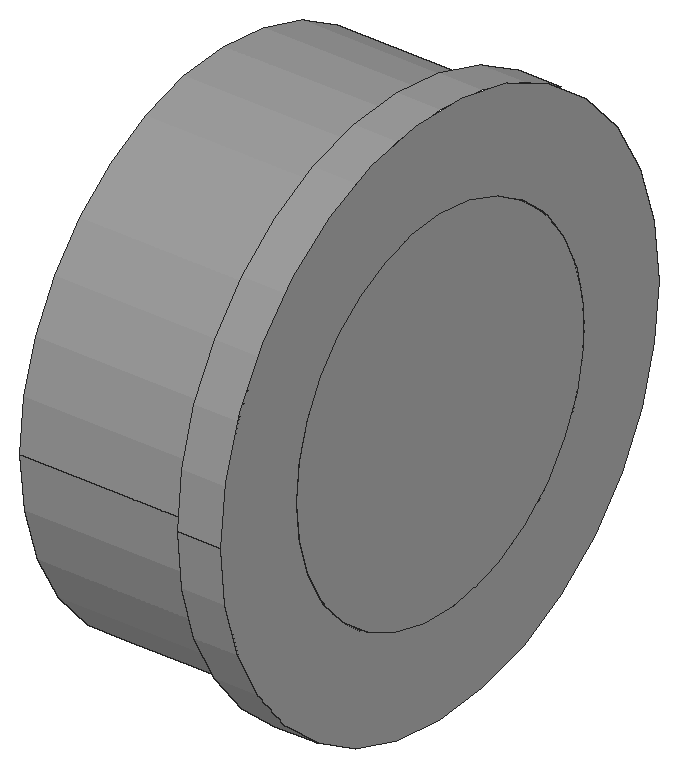
Revit family "2M_Check Valve_UNIVAL_CHE-1001 - 15-100 mm", category Pipe Accessories, Revit 2016
Family settings
  Part Type = Valve - Breaks Into
  Round Connector Dimension = Use Diameter
  OmniClass Number = 23.65.55.14
  OmniClass Title = Valves for Liquid Services
  Work Plane-Based = No
  Always vertical = Yes
  Cut with Voids When Loaded = No
  Shared = No
Parameters (values of type "DN100")
  d1 = d * 0.93  # 141.36 mm
  built-in parameter 1114242 [instance] = 1
  URL = "http://www.unival.com.tr/"
  Symbol_w = L * 0.58  # 34.8 mm
  Symbol_w1 = Symbol_w / 16  # 2.175 mm
  Symbol_L3 = L * 0.81  # 48.6 mm
  Symbol_L2 = Symbol_w / 4  # 8.7 mm
  Spring Material = "Stainless steel"
  Pressure Rating = "PN16"
  Model = "CHE-1001X100"
  Max. Working Temperature = "180°C"
  Manufacturer = "Giacomini Unival\r\nGiacomini Unival\r\nGiacomini Unival"
  Loss Method = Not Defined
  L1 = L / 5  # 12 mm
  L = 60 mm
  Disc Material = "Stainless steel"
  Description TR = "Disk tipi çek vana"  # constant formula
  Description = "Disk check valve"
  DN = 100 mm
  Connection Type = "Wafer"
  Certifications = "TSE, EAC, CE"
  Body Material = "Brass"
  d = 152 mm
  Standard No = "TS 1074"
Types (9, lengths in mm): name | d1 | Symbol_w | Symbol_w1 | Symbol_L3 | Symbol_L2 | Model | L1 | L | DN | d
  DN15 | 37.2 | 9.28 | 0.58 | 12.96 | 2.32 | "CHE-1001X015" | 3.2 | 16 | 15 | 40
  DN20 | 43.71 | 11.02 | 0.689 | 15.39 | 2.755 | "CHE-1001X020" | 3.8 | 19 | 20 | 47
  DN25 | 52.08 | 12.76 | 0.797 | 17.82 | 3.19 | "CHE-1001X025" | 4.4 | 22 | 25 | 56
  DN32 | 66.96 | 16.24 | 1.015 | 22.68 | 4.06 | "CHE-1001X032" | 5.6 | 28 | 32 | 72
  DN40 | 76.26 | 18.27 | 1.142 | 25.515 | 4.567 | "CHE-1001X040" | 6.3 | 31.5 | 40 | 82
  DN50 | 88.35 | 23.2 | 1.45 | 32.4 | 5.8 | "CHE-1001X050" | 8 | 40 | 50 | 95
  DN65 | 106.95 | 26.68 | 1.667 | 37.26 | 6.67 | "CHE-1001X065" | 9.2 | 46 | 65 | 115
  DN80 | 122.76 | 29 | 1.812 | 40.5 | 7.25 | "CHE-1001X080" | 10 | 50 | 80 | 132
  DN100 | 141.36 | 34.8 | 2.175 | 48.6 | 8.7 | "CHE-1001X100" | 12 | 60 | 100 | 152
Reference planes
  plane 1 "Center (Front/Back)": y = 0
  plane 2: z = 0
  plane 3 "Center (Left/Right)": x = 0
  plane 4: x = 30
  plane 5: x = 18
  plane 6: x = -30
Forms (mm)
  Extrusion 1, solid, material "UNIVAL_Grey", detail levels fine
    sketch origin (60.128, 265.788, 1.133) x (0, 0, 1) y (0, 1, 0)
      loop
        circle (-1.133, -265.788) r 50
    from 30.128 to 90.128
  Extrusion 2, solid, material "UNIVAL_Brass", detail levels fine
    sketch origin (30, -586.654, 1200) x (0, -1, 0) y (0, 0, 1)
      loop
        circle (-586.654, -1200) r 76
      loop
        circle (-586.654, -1200) r 50
    from 0 to 12
  Extrusion 3, solid, material "UNIVAL_Brass", detail levels fine
    sketch origin (30, -586.654, 1200) x (0, -1, 0) y (0, 0, 1)
      loop
        circle (-586.654, -1200) r 70.68
      loop
        circle (-586.654, -1200) r 50
    from 0 to 60
Cuts and joins
  joined: Extrusion 2, Extrusion 3
Lines and regions (mm)
  model lines, not visible, detail levels coarse+medium
    curve 1: line (-30, 17.4, 0) -> (30, 17.4, 0)
    curve 3: line (30, -17.4, 0) -> (-30, -17.4, 0)
  model lines, detail levels coarse+medium
    curve 2: line (-30, -17.4, 0) -> (-30, 17.4, 0)
    curve 4: line (30, 17.4, 0) -> (30, -17.4, 0)
    curve 5: line (30, -17.4, 0) -> (-30, 17.4, 0)
    curve 6: line (-24.3, 19.575, 0) -> (24.3, 19.575, 0)
    curve 7: line (24.3, 19.575, 0) -> (15.6, 21.75, 0)
    curve 8: line (15.6, 21.75, 0) -> (15.6, 19.575, 0)
Dimensions and locks
  "L1": plane 5 to plane 4
  equal spacing: plane 6, plane 3 "Center (Left/Right)", plane 4
  "L": plane 6 to plane 4
  equal spacing: curve 1, plane 1 "Center (Front/Back)", curve 3
  "Symbol_w": curve 1 to curve 3
  "Symbol_L3": curve 6 to curve 7
  equal spacing: curve 6, plane 3 "Center (Left/Right)", curve 7
  "Symbol_w1": curve 6 to curve 8
  "Symbol_w1": curve 1 to curve 6
  "Symbol_L2": curve 8 to curve 7
  "DN": diameter of Extrusion 1 sketch curve
  "d": diameter of Extrusion 2 sketch curve
  "d1": diameter of Extrusion 3 sketch curve
  "DN": diameter of Extrusion 3 sketch curve
  "DN": diameter of Extrusion 2 sketch curve
  aligned and locked: level to plane 2
  aligned and locked: plane 4 to Extrusion 3  (x2)
  aligned and locked: Extrusion 3 to Extrusion 2
  aligned and locked: plane 4 to Extrusion 1
  aligned and locked: plane 6 to cut or joined group of Extrusion 2, Extrusion 3
  aligned and locked: plane 5 to Extrusion 2
  aligned and locked: cut or joined group of Extrusion 2, Extrusion 3 to Extrusion 1  (x2)
  aligned and locked: plane 1 "Center (Front/Back)" to Extrusion 1 sketch curve
  aligned and locked: plane 2 to Extrusion 1 sketch curve
  aligned and locked: plane 2 to Extrusion 3 sketch curve
  aligned and locked: plane 1 "Center (Front/Back)" to Extrusion 3 sketch curve
  aligned and locked: plane 2 to Extrusion 2 sketch curve
  aligned and locked: plane 1 "Center (Front/Back)" to Extrusion 2 sketch curve
  aligned and locked: connector elem to plane 1 "Center (Front/Back)"
Automatic sketch dimensions
  curve 5 to plane 6 = 0 mm
  curve 4 to plane 4 = 0 mm
  Extrusion 2 sketch curve to Extrusion 2 sketch curve = 0 mm  (x2)
  Extrusion 3 sketch curve to Extrusion 3 sketch curve = 0 mm  (x2)
Connectors
  piping at (-30, 0, 0), diameter 100, driven by "DN"
    settings: on cut or joined group of Extrusion 2, Extrusion 3, index 1, connector inside diameter 609.6 mm, connector length 0 mm, flow factor 0, pipe flow 0.0 L/s, pressure drop 0.0 Pa, fitting loss kfactor 0, connector angle 0.00°, fixture units 0, engagement length 0 mm, angle of deflection 0.00°, flow configuration 0, flow direction 0, fitting loss method 0, system type 29, joint type 0, gender type 0, connector reference index 2, connector utility 0, adjustable connector no, is connector primary yes, connector description ""
  piping at (30, 0, 0), diameter 100, driven by "DN"
    settings: on cut or joined group of Extrusion 2, Extrusion 3, index 2, connector inside diameter 609.6 mm, connector length 0 mm, flow factor 0, pipe flow 0.0 L/s, pressure drop 0.0 Pa, fitting loss kfactor 0, connector angle 0.00°, fixture units 0, engagement length 0 mm, angle of deflection 0.00°, flow configuration 0, flow direction 0, fitting loss method 0, system type 29, joint type 0, gender type 0, connector reference index 1, connector utility 0, adjustable connector no, is connector primary no, connector description ""
